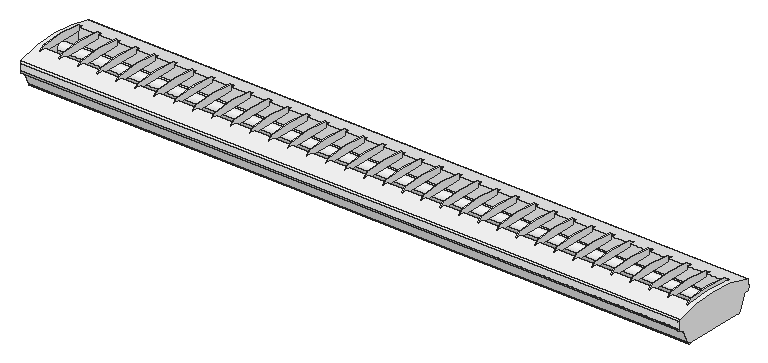
Revit family "0051682 Feilo Sylvania Lighting Fixture SYLMASTER T8 LED 1500 SO 4K Surface Mounted ", category Lighting Fixtures, host Face, Revit 2017
Family settings
  Host = Face
  Round Connector Dimension = Use Diameter
  Part Type = Normal
  OmniClass Number = 23.80.70.00
  OmniClass Title = Lighting
  Cut with Voids When Loaded = No
  Light Source = Yes
  Shared = No
  Room Calculation Point = No
Parameters (values of type "0051682 SYLMASTER T8 LED 1500 SO 4K")
  WidthVoid_FEILO = 100 mm
  Weight = "5.364 kg"
  Wattage Comments = ""
  Wattage = 27 W
  WarrantyStartDate [instance] = "n/a"
  WarrantyGuarantorParts = "n/a"
  WarrantyDurationUnit = "n/a"
  WarrantyDurationParts = "n/a"
  WarrantyDescription = "n/a"
  built-in parameter 1150110 = 1 (stored number, unit not read)
  Voltage = 230 V
  URL = "http://www.sylvania-lighting.com"
  TypeName = "SYLMASTER T8 LED 1500 SO 4K"
  Type Image = <None>
  Type Comments = "n/a"
  Twin_FEILO = not(Single_FEILO)  # no
  built-in parameter 1114217 = 1 (stored number, unit not read)
  Tilt Angle = -90.00°
  built-in parameter 1150109 = 1 (stored number, unit not read)
  built-in parameter 1150134 = 12
  built-in parameter 1150113 = 1 (stored number, unit not read)
  Single_FEILO = yes
  SerialNumber [instance] = "n/a"
  ReflectorSpacing_FEILO = (Length_FEILO - 30 mm) / (Array_FEILO - 1)  # 44.706 mm
  RadiusTube_FEILO = 12.7 mm
  Photometric Web File = "0051682.ies"
  Material_3_FEILO = none
  PowerFactor = 0.9
  PowerConsumption = "27 W"
  NominalLength = 1550 mm
  NominalHeight = 85 mm
  NominalDepth = 202 mm
  Name = "SYLMASTER T8 LED 1500 SO 4K"
  ModelReference = Name  # "SYLMASTER T8 LED 1500 SO 4K"
  ModelNumber = "0051682"
  Model = Name  # "SYLMASTER T8 LED 1500 SO 4K"
  Material = "steel housing"
  ManufacturerName = "Feilo Sylvania"
  Manufacturer = "Feilo Sylvania"
  LuminousEfficacy = "76 lm/W"
  built-in parameter 1150105 = 859.66 (stored number, unit not read)
  Lumens = 2052 lm
  LuminaireType = ""
  built-in parameter 1150115 = 1 (stored number, unit not read)
  LightOutputRatio = "71"
  built-in parameter 1150137 = (empty or 0)
  built-in parameter 1150139 = (empty or 0)
  Length_FEILO = 1550 mm
  LampsType = Lamp  # "LED"
  LampNominalLuminous = "2052 lm"
  LampMacAdamStep = "n/a"
  LampColourTemperature = "4000 K"
  LampColourRenderingIndex = "80"
  built-in parameter 1150112 = 1 (stored number, unit not read)
  built-in parameter 1150114 = 1 (stored number, unit not read)
  Lamp = "LED"
  Keynote = "16500"
  InstallationDate [instance] = "n/a"
  InputVoltage = "220-240V~"
  InputNominalFrequency = "50/60 Hz"
  built-in parameter 1150132 = (empty or 0)
  built-in parameter 1150102 = (empty or 0)
  built-in parameter 1150107 = 4000 (stored number, unit not read)
  built-in parameter 1150138 = (empty or 0)
  IngressProtection = "IP20"
  ImpactProtectionIndex = "IK02"
  built-in parameter 1150106 = 8.5966 (stored number, unit not read)
  IfcExportType = "IfcLightFixtureType"
  IfcExportAs = "IfcLightFixtureType"
  ExpectedLife = 50000
  Emit from Rectangle Width = WidthVoid_FEILO  # 100 mm
  Emit from Rectangle Length = Length_FEILO - 30 mm  # 1520 mm
  Emit Shape Visible in Rendering = no
  ElectricShockClassification = "Class I"
  built-in parameter 1150104 = 7.0606 (stored number, unit not read)
  DurationUnit = "hours"
  DocumentationLiterature = "http://www.sylvania-lighting.com/product/en-int/products/0051682"
  DimmingControlOptions = "Non dimmable"
  Material_2_FEILO = LEDTube-Sylvania-Sylmaster
  Dimming Lamp Color Temperature Shift = <None>
  Description = "SYLMASTER T8 LED 1500 SO 4K is a surface mount / pendant luminaire supplied with ToLEDo T8 27W 840 LED Tube."
  Default Elevation = 1219.2 mm
  CreatedOn = "2/19/2018"
  CreatedBy = ""
  Cost = 0
  Color Filter = 16777215
  built-in parameter 1114216 [instance] = (empty or 0)
  ClassificationValue = "EF_70_80"
  ClassificationName = "Uniclass2015"
  Material_1_FEILO = Body-Sylvania-Sylmaster-White
  BarCode [instance] = "n/a"
  built-in parameter 1114218 = 1 (stored number, unit not read)
  built-in parameter 1150133 = 10 (stored number, unit not read)
  AssetType = "Fixed"
  AssetIdentifier [instance] = "n/a"
  Assembly Code = "D5020200"
  Array_FEILO = if(Length_FEILO = 1250 mm, 25, 35)  # 35
  Apparent Load = 27 VA
  Material_4_FEILO = none
Reference planes
  plane 1 "Center (Front/Back)": y = 0
  plane 2: z = 0
  plane 3 "Center (Left/Right)": x = 0
  plane 4: y = 101
  plane 5: y = -101
  plane 6: z = 0
  plane 7: z = 85
  plane 8: z = 61
  plane 9: z = 45
  plane 10: z = 7
  plane 11: z = 68
  plane 12: y = -89
  plane 13: y = -75
  plane 14: y = -30
  plane 15: y = 30
  plane 16: y = 89
  plane 17: y = 75
  plane 18: z = 42
  plane 19: x = -775
  plane 20: x = 775
  plane 21: x = -500
  plane 22: x = 500
  plane 23: y = -23
  plane 24: y = 23
  plane 25: x = -480
  plane 26: x = -520
  plane 27: x = 480
  plane 28: x = 520
  plane 29: x = -513
  plane 30: x = -487
  plane 31: x = 487
  plane 32: x = 513
  plane 33: y = 50
  plane 34: y = -50
  plane 35: x = 760
  plane 36: x = -760
  plane 37: y = 33
  plane 38: z = 44.6
  plane 39: x = -715.294
  plane 40: z = 22
  plane 41: z = -22
Forms (mm)
  Extrusion 1, solid, material "Body-Sylvania-Sylmaster-White" <- "Material_1_FEILO", detail levels medium+fine
    sketch origin (0, 0, 0) x (0, 1, 0) y (0, 0, 1)
      loop
        arc (-98.274, 68.93) -> (-100.248, 67.473) -> (-101, 65.138) r 4
        line (-101, 65.138) -> (-101, 48.904)
        arc (-101, 48.904) -> (-99.941, 45.827) -> (-97.213, 44.053) r 5
        line (-97.213, 44.053) -> (-93.96, 43.24)
        arc (-93.96, 43.24) -> (-89.81, 41.072) -> (-87.101, 37.253) r 10
        line (-87.101, 37.253) -> (-76.76, 11.4)
        arc (-76.76, 11.4) -> (-74.185, 8.204) -> (-70.261, 7) r 7
        line (-70.261, 7) -> (70.261, 7)
        arc (70.261, 7) -> (74.185, 8.204) -> (76.76, 11.4) r 7
        line (76.76, 11.4) -> (87.101, 37.253)
        arc (87.101, 37.253) -> (89.81, 41.072) -> (93.96, 43.24) r 10
        line (93.96, 43.24) -> (97.213, 44.053)
        arc (97.213, 44.053) -> (99.941, 45.827) -> (101, 48.904) r 5
        line (101, 48.904) -> (101, 65.138)
        arc (101, 65.138) -> (100.248, 67.473) -> (98.274, 68.93) r 4
        arc (98.274, 68.93) -> (0, 85) -> (-98.274, 68.93) r 308.529
    from -775 to 775
  Blend 2, solid, material "Body-Sylvania-Sylmaster-White" <- "Material_1_FEILO"
    base sketch origin (0, 1219.2, 7) x (1, 0, 0) y (0, 1, 0)
      loop
        line (-520, -1189.2) -> (-520, -1249.2) -> (-480, -1249.2) -> (-480, -1189.2) -> (-520, -1189.2)
    top sketch origin (0, 1219.2, 7) x (1, 0, 0) y (0, 1, 0)
      loop
        line (-513, -1196.2) -> (-513, -1242.2) -> (-487, -1242.2) -> (-487, -1196.2) -> (-513, -1196.2)
    from 0 to -7
  Blend 3, solid, material "Body-Sylvania-Sylmaster-White" <- "Material_1_FEILO"
    base sketch origin (0, 1219.2, 7) x (1, 0, 0) y (0, 1, 0)
      loop
        line (480, -1189.2) -> (480, -1249.2) -> (520, -1249.2) -> (520, -1189.2) -> (480, -1189.2)
    top sketch origin (0, 1219.2, 7) x (1, 0, 0) y (0, 1, 0)
      loop
        line (487, -1196.2) -> (487, -1242.2) -> (513, -1242.2) -> (513, -1196.2) -> (487, -1196.2)
    from 0 to -7
  Extrusion 4, void
    sketch origin (0, 0, 0) x (0, 1, 0) y (0, 0, 1)
      loop
        line (-50, 85) -> (-50, 45) -> (50, 45) -> (50, 85) -> (-50, 85)
    from -760 to 760
  Extrusion 5, solid, material "LEDTube-Sylvania-Sylmaster" <- "Material_2_FEILO", visible <- "Single_FEILO", detail levels medium+fine
    sketch origin (0, 0, 0) x (0, 1, 0) y (0, 0, 1)
      loop
        circle (0, 61) r 12.7
    from -760 to 760
  Extrusion 6, solid, material "LEDTube-Sylvania-Sylmaster" <- "Material_2_FEILO", visible <- "Twin_FEILO", detail levels medium+fine
    sketch origin (0, 0, 0) x (0, 1, 0) y (0, 0, 1)
      loop
        circle (-23, 61) r 12.7
      loop
        circle (23, 61) r 12.7
    from -760 to 760
  Extrusion 7, solid, material "Body-Sylvania-Sylmaster-White" <- "Material_1_FEILO", detail levels coarse
    sketch origin (0, 0, 0) x (0, 1, 0) y (0, 0, 1)
      loop
        arc (-98.274, 68.93) -> (-100.248, 67.473) -> (-101, 65.138) r 4
        line (-101, 65.138) -> (-101, 48.904)
        arc (-101, 48.904) -> (-99.941, 45.827) -> (-97.213, 44.053) r 5
        line (-97.213, 44.053) -> (-93.96, 43.24)
        arc (-93.96, 43.24) -> (-89.81, 41.072) -> (-87.101, 37.253) r 10
        line (-87.101, 37.253) -> (-76.76, 11.4)
        arc (-76.76, 11.4) -> (-74.185, 8.204) -> (-70.261, 7) r 7
        line (-70.261, 7) -> (70.261, 7)
        arc (70.261, 7) -> (74.185, 8.204) -> (76.76, 11.4) r 7
        line (76.76, 11.4) -> (87.101, 37.253)
        arc (87.101, 37.253) -> (89.81, 41.072) -> (93.96, 43.24) r 10
        line (93.96, 43.24) -> (97.213, 44.053)
        arc (97.213, 44.053) -> (99.941, 45.827) -> (101, 48.904) r 5
        line (101, 48.904) -> (101, 65.138)
        arc (101, 65.138) -> (100.248, 67.473) -> (98.274, 68.93) r 4
        arc (98.274, 68.93) -> (0, 85) -> (-98.274, 68.93) r 308.529
    from -775 to 775
Cuts and joins
  Extrusion 4 cuts Extrusion 1
Lines and regions (mm)
  reference lines
    curve 1: line (0, -101, 45) -> (0, -89, 42)
    curve 2: line (0, -89, 42) -> (0, -75, 7)
    curve 3: line (0, 101, 45) -> (0, 89, 42)
    curve 4: line (0, 89, 42) -> (0, 75, 7)
Dimensions and locks
  equal spacing: plane 5, plane 1 "Center (Front/Back)", plane 4
  locked: plane 5 to plane 4 at 202
  locked: plane 6 to plane 7 at 85
  plane 8 to plane 7 = 24 mm
  locked: plane 9 to plane 7 at 40
  locked: plane 6 to plane 10 at 7
  locked: plane 8 to plane 11 at 7
  equal spacing: plane 13, plane 1 "Center (Front/Back)", plane 17
  equal spacing: plane 14, plane 1 "Center (Front/Back)", plane 15
  equal spacing: plane 12, plane 1 "Center (Front/Back)", plane 16
  locked: plane 13 to plane 17 at 150
  locked: plane 12 to plane 16 at 178
  locked: plane 18 to plane 9 at 3
  locked: Extrusion 1 sketch curve to plane 7 at 308.529
  Extrusion 1 sketch curve to plane 1 "Center (Front/Back)" to Extrusion 1 sketch curve = 97 mm locked, 97 mm locked
  Extrusion 1 sketch curve to plane 1 "Center (Front/Back)" to Extrusion 1 sketch curve = 96 mm locked, 96 mm locked
  equal spacing: plane 19, plane 3 "Center (Left/Right)", plane 20
  "Length_FEILO": plane 19 to plane 20
  Extrusion 1 sketch curve to plane 1 "Center (Front/Back)" to Extrusion 1 sketch curve = 70.261 mm locked, 70.261 mm locked
  Extrusion 1 sketch curve to plane 1 "Center (Front/Back)" to Extrusion 1 sketch curve = 96.386 mm locked, 96.386 mm locked
  Extrusion 1 sketch curve to Extrusion 1 sketch curve to Extrusion 1 sketch curve to Extrusion 1 sketch curve to plane 7 = 19.539 mm locked, 15.365 mm locked, 16.235 mm locked, 19.862 mm locked  (x2)
  equal spacing: plane 21, plane 3 "Center (Left/Right)", plane 22
  locked: plane 21 to plane 22 at 1000
  equal spacing: plane 23, plane 1 "Center (Front/Back)", plane 24
  locked: plane 14 to plane 23 at 7
  locked: plane 14 to plane 1 "Center (Front/Back)" at 30
  equal spacing: plane 26, plane 21, plane 25, locked at 20 each
  equal spacing: plane 27, plane 22, plane 28, locked at 20 each
  locked: plane 26 to plane 21 at 20
  locked: plane 27 to plane 22 at 20
  equal spacing: plane 29, plane 21, plane 30
  locked: plane 26 to plane 29 at 7
  equal spacing: plane 31, plane 22, plane 32
  locked: plane 27 to plane 31 at 7
  equal spacing: plane 36, plane 3 "Center (Left/Right)", plane 35
  locked: plane 19 to plane 36 at 15
  plane 1 "Center (Front/Back)" to plane 37 = 33 mm
  equal spacing: plane 34, plane 1 "Center (Front/Back)", plane 33
  "WidthVoid_FEILO": plane 34 to plane 33
  locked: plane 38 to plane 7 at 40.4
  "ReflectorSpacing_FEILO": plane 36 to plane 39
  equal spacing: group 1, group 2, group 3, group 4, group 5, group 6, group 7, group 8, group 9, group 10, group 11, group 12, group 13, group 14, group 15, group 16, group 17, group 18, group 19, group 20, group 21, group 22, group 23, group 24, group 25, group 26, group 27, group 28, group 29, group 30, group 31, group 32, group 33, group 34, group 35  (x3)
  locked: plane 6 to plane 41 at 22
  locked: plane 40 to host face at 22
  "RadiusTube_FEILO": radius of Extrusion 5 sketch curve
  aligned and locked: plane 2 to host face
  aligned and locked: level to host face
  aligned and locked: plane 5 to curve 1
  aligned and locked: plane 12 to curve 1
  aligned and locked: plane 13 to curve 2
  aligned and locked: plane 4 to curve 3
  aligned and locked: plane 16 to curve 3
  aligned and locked: plane 17 to curve 4
  aligned and locked: plane 5 to Extrusion 1 sketch curve
  aligned and locked: curve 2 to Extrusion 1 sketch curve
  aligned and locked: plane 1 "Center (Front/Back)" to Extrusion 1 sketch curve
  aligned and locked: plane 20 to Extrusion 1
  aligned and locked: Extrusion 1 to plane 19
  aligned and locked: Extrusion 1 sketch curve to curve 3
  aligned and locked: curve 1 to Extrusion 1 sketch curve
  aligned and locked: Extrusion 1 sketch curve to curve 4
  aligned and locked: plane 15 to Blend 2 sketch curve
  aligned and locked: plane 26 to Blend 2 sketch curve
  aligned and locked: Blend 2 sketch curve to plane 14
  aligned and locked: Blend 2 sketch curve to plane 25
  aligned and locked: plane 24 to Blend 2 sketch curve
  aligned and locked: plane 29 to Blend 2 sketch curve
  aligned and locked: Blend 2 sketch curve to plane 23
  aligned and locked: Blend 2 sketch curve to plane 30
  aligned and locked: plane 6 to Blend 2
  aligned and locked: Blend 2 to plane 10
  aligned and locked: plane 15 to Blend 3 sketch curve
  aligned and locked: plane 27 to Blend 3 sketch curve
  aligned and locked: Blend 3 sketch curve to plane 14
  aligned and locked: Blend 3 sketch curve to plane 28
  aligned and locked: plane 24 to Blend 3 sketch curve
  aligned and locked: plane 31 to Blend 3 sketch curve
  aligned and locked: Blend 3 sketch curve to plane 23
  aligned and locked: Blend 3 sketch curve to plane 32
  aligned and locked: Blend 3 to plane 10
  aligned and locked: plane 6 to Blend 3
  aligned and locked: plane 7 to Extrusion 4 sketch curve
  aligned and locked: Extrusion 4 sketch curve to plane 34
  aligned and locked: Extrusion 4 sketch curve to plane 9
  aligned and locked: plane 33 to Extrusion 4 sketch curve
  aligned and locked: plane 35 to Extrusion 4
  aligned and locked: Extrusion 4 to plane 36
  aligned and locked: plane 1 "Center (Front/Back)" to nested 1
  aligned and locked: plane 36 to nested 1
  aligned and locked: plane 39 to nested 2
  aligned and locked: plane 1 "Center (Front/Back)" to Extrusion 5 sketch curve
  aligned and locked: plane 8 to Extrusion 5 sketch curve
  aligned and locked: plane 35 to Extrusion 5
  aligned and locked: Extrusion 5 to plane 36
  aligned and locked: plane 23 to Extrusion 6 sketch curve
  aligned and locked: plane 8 to Extrusion 6 sketch curve  (x2)
  aligned and locked: plane 24 to Extrusion 6 sketch curve
  aligned and locked: plane 35 to Extrusion 6
  aligned and locked: Extrusion 6 to plane 36
  aligned and locked: plane 3 "Center (Left/Right)" to imposter light
  aligned and locked: imposter light to plane 1 "Center (Front/Back)"
  aligned and locked: imposter light to plane 7
  aligned and locked: Extrusion 7 sketch curve to cut or joined group of Extrusion 1, Extrusion 4  (x9)
  aligned and locked: plane 20 to Extrusion 7
  aligned and locked: Extrusion 7 to plane 19
  aligned and locked: plane 6 to plane 2
Automatic sketch dimensions
  host sketch curve to host sketch curve = 2438.4 mm  (x2)
  plane 9 to Extrusion 1 sketch curve = 0.947 mm  (x2)
  Extrusion 1 sketch curve to plane 18 = 1.24 mm  (x2)
  Extrusion 1 sketch curve to plane 12 = 1.899 mm
  plane 13 to Extrusion 1 sketch curve = 1.76 mm
  Extrusion 1 sketch curve to plane 17 = 1.76 mm
  plane 16 to Extrusion 1 sketch curve = 1.899 mm
  Extrusion 1 sketch curve to Extrusion 1 sketch curve = 0 mm
  plane 10 to curve 2 = 0 mm
  plane 10 to curve 4 = 0 mm
  plane 18 to curve 2 = 0 mm
  plane 18 to curve 3 = 0 mm
  plane 9 to curve 1 = 0 mm
  plane 9 to curve 3 = 0 mm
  plane 38 to Extrusion 7 sketch curve = 0.547 mm  (x2)
  Extrusion 7 sketch curve to plane 18 = 1.24 mm  (x2)
  Extrusion 7 sketch curve to plane 12 = 1.899 mm
  plane 13 to Extrusion 7 sketch curve = 1.76 mm
  Extrusion 7 sketch curve to plane 17 = 1.76 mm
  plane 16 to Extrusion 7 sketch curve = 1.899 mm
  radius of Extrusion 6 sketch curve = 12.7 mm  (x2)
Nested families
  nested 1: "Sylmaster reflector" at (-760, 0, 44.6), type "Type Name", detail levels medium+fine
    with WidthVoid_FEILO 100 mm
  nested 2: "Sylmaster reflector" at (-715.294, 0, 44.6), type "Type Name", detail levels medium+fine
    with WidthVoid_FEILO 100 mm
  nested 3: "Sylmaster reflector" at (-670.588, 0, 44.6), type "Type Name", detail levels medium+fine
    with WidthVoid_FEILO 100 mm
  nested 4: "Sylmaster reflector" at (-625.882, 0, 44.6), type "Type Name", detail levels medium+fine
    with WidthVoid_FEILO 100 mm
  nested 5: "Sylmaster reflector" at (-581.176, 0, 44.6), type "Type Name", detail levels medium+fine
    with WidthVoid_FEILO 100 mm
  nested 6: "Sylmaster reflector" at (-536.471, 0, 44.6), type "Type Name", detail levels medium+fine
    with WidthVoid_FEILO 100 mm
  nested 7: "Sylmaster reflector" at (-491.765, 0, 44.6), type "Type Name", detail levels medium+fine
    with WidthVoid_FEILO 100 mm
  nested 8: "Sylmaster reflector" at (-447.059, 0, 44.6), type "Type Name", detail levels medium+fine
    with WidthVoid_FEILO 100 mm
  nested 9: "Sylmaster reflector" at (-402.353, 0, 44.6), type "Type Name", detail levels medium+fine
    with WidthVoid_FEILO 100 mm
  nested 10: "Sylmaster reflector" at (-357.647, 0, 44.6), type "Type Name", detail levels medium+fine
    with WidthVoid_FEILO 100 mm
  nested 11: "Sylmaster reflector" at (-312.941, 0, 44.6), type "Type Name", detail levels medium+fine
    with WidthVoid_FEILO 100 mm
  nested 12: "Sylmaster reflector" at (-268.235, 0, 44.6), type "Type Name", detail levels medium+fine
    with WidthVoid_FEILO 100 mm
  nested 13: "Sylmaster reflector" at (-223.529, 0, 44.6), type "Type Name", detail levels medium+fine
    with WidthVoid_FEILO 100 mm
  nested 14: "Sylmaster reflector" at (-178.824, 0, 44.6), type "Type Name", detail levels medium+fine
    with WidthVoid_FEILO 100 mm
  nested 15: "Sylmaster reflector" at (-134.118, 0, 44.6), type "Type Name", detail levels medium+fine
    with WidthVoid_FEILO 100 mm
  nested 16: "Sylmaster reflector" at (-89.412, 0, 44.6), type "Type Name", detail levels medium+fine
    with WidthVoid_FEILO 100 mm
  nested 17: "Sylmaster reflector" at (-44.706, 0, 44.6), type "Type Name", detail levels medium+fine
    with WidthVoid_FEILO 100 mm
  nested 18: "Sylmaster reflector" at (0, 0, 44.6), type "Type Name", detail levels medium+fine
    with WidthVoid_FEILO 100 mm
  nested 19: "Sylmaster reflector" at (44.706, 0, 44.6), type "Type Name", detail levels medium+fine
    with WidthVoid_FEILO 100 mm
  nested 20: "Sylmaster reflector" at (89.412, 0, 44.6), type "Type Name", detail levels medium+fine
    with WidthVoid_FEILO 100 mm
  nested 21: "Sylmaster reflector" at (134.118, 0, 44.6), type "Type Name", detail levels medium+fine
    with WidthVoid_FEILO 100 mm
  nested 22: "Sylmaster reflector" at (178.824, 0, 44.6), type "Type Name", detail levels medium+fine
    with WidthVoid_FEILO 100 mm
  nested 23: "Sylmaster reflector" at (223.529, 0, 44.6), type "Type Name", detail levels medium+fine
    with WidthVoid_FEILO 100 mm
  nested 24: "Sylmaster reflector" at (268.235, 0, 44.6), type "Type Name", detail levels medium+fine
    with WidthVoid_FEILO 100 mm
  nested 25: "Sylmaster reflector" at (312.941, 0, 44.6), type "Type Name", detail levels medium+fine
    with WidthVoid_FEILO 100 mm
  nested 26: "Sylmaster reflector" at (357.647, 0, 44.6), type "Type Name", detail levels medium+fine
    with WidthVoid_FEILO 100 mm
  nested 27: "Sylmaster reflector" at (402.353, 0, 44.6), type "Type Name", detail levels medium+fine
    with WidthVoid_FEILO 100 mm
  nested 28: "Sylmaster reflector" at (447.059, 0, 44.6), type "Type Name", detail levels medium+fine
    with WidthVoid_FEILO 100 mm
  nested 29: "Sylmaster reflector" at (491.765, 0, 44.6), type "Type Name", detail levels medium+fine
    with WidthVoid_FEILO 100 mm
  nested 30: "Sylmaster reflector" at (536.471, 0, 44.6), type "Type Name", detail levels medium+fine
    with WidthVoid_FEILO 100 mm
  nested 31: "Sylmaster reflector" at (581.176, 0, 44.6), type "Type Name", detail levels medium+fine
    with WidthVoid_FEILO 100 mm
  nested 32: "Sylmaster reflector" at (625.882, 0, 44.6), type "Type Name", detail levels medium+fine
    with WidthVoid_FEILO 100 mm
  nested 33: "Sylmaster reflector" at (670.588, 0, 44.6), type "Type Name", detail levels medium+fine
    with WidthVoid_FEILO 100 mm
  nested 34: "Sylmaster reflector" at (715.294, 0, 44.6), type "Type Name", detail levels medium+fine
    with WidthVoid_FEILO 100 mm
  nested 35: "Sylmaster reflector" at (760, 0, 44.6), type "Type Name", detail levels medium+fine
    with WidthVoid_FEILO 100 mm
Connectors
  electrical at (0, 0, 0), driven by "Apparent Load", driven by "PowerFactor", driven by "Voltage"
    settings: index 1, voltage 230 V, apparent load 27 VA, apparent load phase1 0 VA, apparent load phase2 0 VA, apparent load phase3 0 VA, power factor 0.9, load classification "Lighting", number of poles 1, system type 30, power factor state 1, is connector primary yes, connector utility no, sub classification motor no, connector description ""
Definition of nested family "Sylmaster reflector"
  Parameters (values of type "Type Name")
    WidthVoid_FEILO = 146 mm
    URL = "http://www.feilosylvania.com"
    Type Image = (empty or 0)
    Type Comments = "n/a"
    RadiusReflectorOuter_FEILO = 303.809 mm
    RadiusReflectorInner_FEILO = 307.458 mm
    Material_3_FEILO = none
    Model = ""
    Manufacturer = "Feilo Sylvania"
    Keynote = "16500"
    Material_2_FEILO = none
    Description = ""
    Default Elevation = 1219.2 mm
    Cost = 0
    Material_1_FEILO = none
    Assembly Code = "D5020200"
    Material_4_FEILO = none
  Reference planes
    plane 1 "Center (Front/Back)": y = 0
    plane 2: z = 28.4
    plane 3 "Center (Left/Right)": x = 0
    plane 4: y = 101
    plane 5: y = -101
    plane 6: z = 28.4
    plane 7: z = 23.4
    plane 8: x = -775
    plane 9: x = 775
    plane 10: x = -500
    plane 11: x = 500
    plane 12: x = -480
    plane 13: x = -520
    plane 14: x = 480
    plane 15: x = 520
    plane 16: x = -513
    plane 17: x = -487
    plane 18: x = 487
    plane 19: x = 513
    plane 20: y = 73
    plane 21: y = -73
    plane 22: x = 760
    plane 23: x = -760
    plane 24: y = -83
    plane 25: y = 83
    plane 26: z = 28.4
    plane 27: x = 1
    plane 28: x = -1
  Forms (mm)
    Extrusion 1, solid
      sketch origin (4.2, 0, 28.4) x (1, 0, 0) y (0, 1, 0)
        loop
          line (-1219.2, 1219.2) -> (-1219.2, -1219.2) -> (1219.2, -1219.2) -> (1219.2, 1219.2) -> (-1219.2, 1219.2)
      from 0 to -68.017
    Extrusion 2, solid, material <- "Material_1_FEILO"
      sketch origin (0, 0, 0) x (0, 1, 0) y (0, 0, 1)
        loop
          arc (-83, 29.048) -> (-78.011, 30.401) -> (-73, 31.671) r 307.458
          line (-73, 31.671) -> (-73, 28.4) -> (73, 28.4) -> (73, 31.671)
          arc (73, 31.671) -> (78.011, 30.401) -> (83, 29.048) r 307.458
          line (83, 29.048) -> (73, 36.779)
          arc (73, 36.779) -> (0, 45.68) -> (-73, 36.779) r 303.809
          line (-73, 36.779) -> (-83, 29.048)
      from 1 to -1
  Lines and regions (mm)
    reference lines
      curve 1: arc (0, -101, 28.4) -> (0, 0, 45.68) -> (0, 101, 28.4) r 303.809
      curve 2: arc (0, -101, 23.4) -> (0, 0, 40.463) -> (0, 101, 23.4) r 307.458
  Dimensions and locks
    equal spacing: plane 5, plane 1 "Center (Front/Back)", plane 4
    locked: plane 5 to plane 4 at 202
    equal spacing: plane 8, plane 3 "Center (Left/Right)", plane 9
    locked: plane 8 to plane 9 at 1550
    equal spacing: plane 10, plane 3 "Center (Left/Right)", plane 11
    locked: plane 10 to plane 11 at 1000
    equal spacing: plane 13, plane 10, plane 12, locked at 20 each
    equal spacing: plane 14, plane 11, plane 15, locked at 20 each
    locked: plane 13 to plane 10 at 20
    locked: plane 14 to plane 11 at 20
    equal spacing: plane 16, plane 10, plane 17
    locked: plane 13 to plane 16 at 7
    equal spacing: plane 18, plane 11, plane 19
    locked: plane 14 to plane 18 at 7
    equal spacing: plane 23, plane 3 "Center (Left/Right)", plane 22
    locked: plane 8 to plane 23 at 15
    equal spacing: plane 21, plane 1 "Center (Front/Back)", plane 20
    "WidthVoid_FEILO": plane 21 to plane 20
    equal spacing: plane 24, plane 1 "Center (Front/Back)", plane 25
    locked: plane 24 to plane 21 at 10
    locked: plane 7 to plane 26 at 5
    plane 28 to plane 3 "Center (Left/Right)" to plane 27 = 1 mm locked, 1 mm locked
    "RadiusReflectorInner_FEILO": radius of curve 2
    "RadiusReflectorOuter_FEILO": radius of curve 1
    aligned and locked: plane 2 to Extrusion 1
    aligned and locked: level to Extrusion 1
    aligned and locked: plane 5 to curve 1
    aligned and locked: plane 26 to curve 1  (x2)
    aligned and locked: plane 4 to curve 1
    aligned and locked: plane 4 to curve 2
    aligned and locked: plane 7 to curve 2  (x2)
    aligned and locked: plane 5 to curve 2
    aligned and locked: Extrusion 2 to plane 28
    aligned and locked: plane 27 to Extrusion 2
    aligned and locked: Extrusion 2 sketch curve to curve 2  (x2)
    aligned and locked: Extrusion 2 sketch curve to curve 1
    aligned and locked: plane 26 to Extrusion 2 sketch curve
    aligned and locked: Extrusion 2 sketch curve to plane 20
    aligned and locked: plane 21 to Extrusion 2 sketch curve  (x3)
    aligned and locked: plane 24 to Extrusion 2 sketch curve
    aligned and locked: plane 20 to Extrusion 2 sketch curve
    aligned and locked: plane 25 to Extrusion 2 sketch curve
    aligned and locked: plane 26 to plane 6
    aligned and locked: level to plane 26
  Automatic sketch dimensions
    Extrusion 1 sketch curve to Extrusion 1 sketch curve = 2438.4 mm  (x2)
